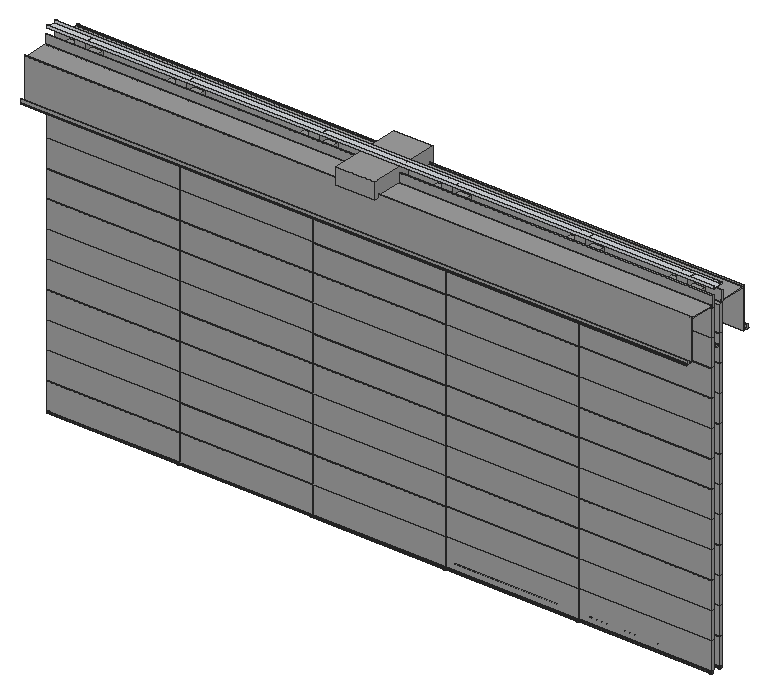
Revit family
Parameters (values of type "24'- 0"")
  Visibility Of Unfold Single Panel [instance] = and(not(Fold), Number Of  Panels < 2)  # no
  Visibility Of Fold Single Panel [instance] = and(Fold, Number Of  Panels < 2)  # no
  Visibility Of Fold Panels [instance] = and(Fold, Number Of  Panels > 1)  # no
  URL = "http://www.skyfold.com/"
  Total Panel Height = ([Panel Height"F"] * 12) + 0' 6"  # 26' - 10 1/2"
  Pocket Material [instance] = Default
  Panel Array [instance] = if(Number Of  Panels < 3, 2, Number Of  Panels)  # 5
  Panel 9 Material [instance] = Default
  Panel 8 Material [instance] = Default
  Panel 7 Material [instance] = Default
  Panel 6 Material [instance] = Default
  Panel 5 Material [instance] = Default
  Panel 4 Material [instance] = Default
  Panel 3 Material [instance] = Default
  Panel 2 Material [instance] = Default
  Panel 12 Material [instance] = Default
  Panel 11 Material [instance] = Default
  Panel 10 Material [instance] = Default
  Model = "Compact Drive System"
  Manufacturer = "Skyfold"
  Description = "Custom Powerlift Partitions"
  Center Pantograph Visibility [instance] = Number Of  Panels > 2  # yes
  Visibility Of Single Pantograph [instance] = and(Number Of  Panels = 2, Total Wall Length > 16' 0")  # no
  Total Wall Length [instance] = 55' - 0"
  Wall Thickness = 0' - 11 3/4"  # constant formula
  Unfold [instance] = and(not(Fold), Number Of  Panels > 1)  # yes
  Pocket Width"E" = 5' - 3 1/2"
  Pocket Depth"D" = 3' - 1 1/2"
  Panel Length [instance] = (Total Wall Length - 0' 2" - (Number Of  Panels - 1) * 0' 0 1/2") / Number Of  Panels  # 10' - 11.2"
  Panel Height"F" = 2' - 2 3/8"
  Offset From Ceiling [instance] = 0' - 0"
  Center Pantographs [instance] = if(Number Of  Panels < 3, 2, Number Of  Panels - 1)  # 4
  Number Of  Panels [instance] = (Total Wall Length / Max Panel Length) + 0.499  # 5
  Motor Positionning [instance] = if(or(Number Of  Panels = 1, Total Wall Length < 16' 0", Number Of  Panels = 3, Number Of  Panels = 5, Number Of  Panels = 7, Number Of  Panels = 9, Number Of  Panels = 11), (Total Wall Length / 2), (Total Wall Length / 2) - (Panel Length / 2))  # 27' - 6"
  Max Wall Length [instance] = 100' - 0"  # constant formula
  Max Panel Length [instance] = 12' - 0"  # constant formula
  Height Between Panels [instance] = [Panel Height"F"] + 0' 0 1/2"  # 2' - 2 7/8"
  Fold [instance] = no
  Distance From Acoustic Barrier = 0' - 2"  # constant formula
  Distance Between Panels [instance] = Panel Length + 0' 0 1/2"  # 10' - 11.7"
  Finished Ceiling"A" = 24' - 0"
  Panel 1 Material [instance] = Default
  Top Of Acoustic Barrier [instance] = 28' - 0"
  Assembly Code = ""
  Beam Height"B" = 28' - 5"
  Acoustic Barrier"C" = 27' - 1 1/2"
Reference planes (in)
  plane 1 "Center (Front/Back)": y = 0
  plane 2 "Ceiling": z = 96
  plane 3 "Center (Left/Right)": x = 0
  plane 4: y = -31.75
  plane 5: y = 31.75
  plane 6: y = -5.875
  plane 7: y = 5.875
  plane 8: x = 660
  plane 9: x = 1
  plane 10: x = 132.7
  plane 11: z = 95.96875
  plane 12: z = 133.46875
  plane 13: z = -192.03125
  plane 14 "Beam height": z = 148.96875
  plane 15: x = 330
  plane 16 "BOAB": z = 131.46875
  plane 17: z = 95.96875
Lines and regions (in)
  Opening 1
    outline origin (0, 3.93322, 96) x (1, 0, 0) y (0, 1, 0)
      loop
        line (0, 33.06678) -> (0, -40.93322) -> (660, -40.93322) -> (660, 33.06678) -> (0, 33.06678)
Dimensions and locks (in)
  equal spacing: host sketch curve, plane 3 "Center (Left/Right)", host sketch curve
  equal spacing: host sketch curve, plane 1 "Center (Front/Back)", host sketch curve
  host sketch curve to host sketch curve = 10' - 0"  (x2)
  plane 2 "Ceiling" to level = 7' - 0"
  equal spacing: plane 4, plane 1 "Center (Front/Back)", plane 5
  "Pocket Width"E"": plane 4 to plane 5
  equal spacing: plane 6, plane 1 "Center (Front/Back)", plane 7
  "Wall Thickness": plane 6 to plane 7
  "Total Wall Length": plane 8 to plane 3 "Center (Left/Right)"
  locked: plane 9 to plane 3 "Center (Left/Right)" at 1
  "Distance Between Panels": plane 10 to plane 9
  locked: plane 2 "Ceiling" to plane 11 at 0.03125
  equal spacing: group 1, group 2, group 7, group 8, group 9  (x3)
  equal spacing: group 3, group 4, group 10, group 11, group 12  (x3)
  "Finished Ceiling"A"": plane 11 to plane 13
  "Beam Height"B"": plane 14 "Beam height" to plane 13
  locked: nested 8 to plane 3 "Center (Left/Right)" at 32
  locked: plane 8 to nested 9 at 32
  locked: nested 5 to nested 10 at 0.25
  equal spacing: group 5, group 6, group 13, group 14  (x3)
  "Distance Between Panels": nested 11 to nested 10
  locked: plane 10 to nested 12 at 0.25
  "Motor Positionning": plane 15 to plane 3 "Center (Left/Right)"
  locked: plane 12 to plane 16 "BOAB" at 2
  "Offset From Ceiling": plane 11 to plane 17
  "Pocket Depth"D"": plane 12 to plane 17
  aligned and locked: nested 1 to Opening 1 sketch curve
  aligned and locked: Opening 1 sketch curve to plane 8
  aligned and locked: plane 2 "Ceiling" to host ceiling
  aligned and locked: nested 2 to plane 1 "Center (Front/Back)"
  aligned and locked: nested 2 to plane 9
  aligned and locked: Opening 1 sketch curve to nested 1  (x2)
  aligned and locked: nested 1 to plane 3 "Center (Left/Right)"
  aligned and locked: nested 4 to plane 10
  aligned and locked: plane 10 to nested 5
  aligned and locked: plane 8 to nested 6
  aligned and locked: plane 3 "Center (Left/Right)" to nested 6
  aligned and locked: nested 13 to plane 1 "Center (Front/Back)"
  aligned and locked: plane 14 "Beam height" to nested 6
  aligned and locked: nested 6 to nested 1
  aligned and locked: plane 14 "Beam height" to nested 8
  aligned and locked: plane 14 "Beam height" to nested 12
  aligned and locked: plane 14 "Beam height" to nested 10
  aligned and locked: nested 11 to plane 14 "Beam height"
  aligned and locked: nested 9 to plane 14 "Beam height"
  aligned and locked: nested 14 to plane 1 "Center (Front/Back)"
  aligned and locked: nested 15 to nested 14
  aligned and locked: plane 9 to nested 15
  aligned and locked: nested 16 to nested 14
  aligned and locked: nested 16 to plane 9
  aligned and locked: plane 14 "Beam height" to nested 7
  aligned and locked: plane 15 to nested 7
  aligned and locked: nested 13 to plane 17
  aligned and locked: nested 15 to plane 17
  aligned and locked: nested 3 to plane 17
  aligned and locked: nested 5 to plane 17
  aligned and locked: plane 17 to nested 1
  aligned and locked: nested 16 to plane 16 "BOAB"
  aligned and locked: nested 2 to plane 16 "BOAB"
  aligned and locked: nested 4 to plane 16 "BOAB"
  aligned and locked: nested 14 to plane 16 "BOAB"
Nested families (in)
  nested 1: "Pocket" at (0, -10.75, 97.27344), Acoustic_Barrier"C" <- "Acoustic Barrier"C"", Total_Wall_Length <- "Total Wall Length", T.O. Acoustic_Barrier <- "Top Of Acoustic Barrier", Beam_Height <- "Beam Height"B"", Pocket Material <- "Pocket Material", type "Pocket"
    with Total_Wall_Length 55' - 0", T.O. Acoustic_Barrier 28' - 0", Pocket Material Default, Motor_Length 2' - 10", Motor_Height 0' - 11 1/2", Beam_Height 28' - 5", Acoustic_Barrier"C" 27' - 1 1/2", Pocket_Width"E" 5' - 3 1/2", Pocket_Depth"D" 3' - 1 1/2", Finished_Ceiling"A" 24' - 0"
  nested 2: "Groupe_5 panneaux" at (1, 0, -101.86836), panel_length <- "Panel Length", Panel_Material <- "Panel 1 Material", visible <- "Unfold", Total_Panel-Height <- "Total Panel Height", Panel 10 material <- "Panel 10 Material", Panel 11 material <- "Panel 11 Material", Panel 12 material <- "Panel 12 Material", Panel 2 material <- "Panel 2 Material", Panel 3 material <- "Panel 3 Material", Panel 4 material <- "Panel 4 Material", Panel 5 material <- "Panel 5 Material", Panel 6 material <- "Panel 6 Material", Panel 7 material <- "Panel 7 Material", Panel 8 material <- "Panel 8 Material", Panel 9 material <- "Panel 9 Material", type "Groupe_5 panneaux"
    with panel_length 10' - 11.2", Total_Panel-Height 26' - 10 1/2", Panel_Material Default, Panel 9 material Default, Panel 8 material Default, Panel 7 material Default, Panel 6 material Default, Panel 5 material Default, Panel 4 material Default, Panel 3 material Default, Panel 2 material Default, Panel 12 material Default, Panel 11 material Default, Panel 10 material Default
  nested 3: "Panneau_hor" at (1, 12.57079, 83.96875), panel_length <- "Panel Length", panel_height <- "Panel Height"F"", visible <- "Visibility Of Fold Panels", Panel_Material <- "Panel 12 Material", type "Panneau_hor"
    with panel_length 10' - 11.2", panel_height 2' - 2 3/8", Panel_Material Default
  nested 4: "Groupe_5 panneaux" at (132.7, 0, -101.86836), panel_length <- "Panel Length", Panel_Material <- "Panel 1 Material", visible <- "Unfold", Total_Panel-Height <- "Total Panel Height", Panel 10 material <- "Panel 10 Material", Panel 11 material <- "Panel 11 Material", Panel 12 material <- "Panel 12 Material", Panel 2 material <- "Panel 2 Material", Panel 3 material <- "Panel 3 Material", Panel 4 material <- "Panel 4 Material", Panel 5 material <- "Panel 5 Material", Panel 6 material <- "Panel 6 Material", Panel 7 material <- "Panel 7 Material", Panel 8 material <- "Panel 8 Material", Panel 9 material <- "Panel 9 Material", type "Groupe_5 panneaux"
    with panel_length 10' - 11.2", Total_Panel-Height 26' - 10 1/2", Panel_Material Default, Panel 9 material Default, Panel 8 material Default, Panel 7 material Default, Panel 6 material Default, Panel 5 material Default, Panel 4 material Default, Panel 3 material Default, Panel 2 material Default, Panel 12 material Default, Panel 11 material Default, Panel 10 material Default
  nested 5: "Panneau_hor" at (132.7, 12.57079, 83.96875), panel_length <- "Panel Length", panel_height <- "Panel Height"F"", visible <- "Visibility Of Fold Panels", Panel_Material <- "Panel 12 Material", type "Panneau_hor"
    with panel_length 10' - 11.2", panel_height 2' - 2 3/8", Panel_Material Default
  nested 6: "Beam" at (0, -10.75, 130.27344), type "Pocket"
    with Total_Wall_Length 55' - 0"
  nested 7: "Motor" at (311, -23, 132.96875), type "LCCD"
  nested 8: "Pantograph" at (54.25, -4, 136.6875) x (0, 1, 0) z (0, 0, 1), type "Pantograph"
  nested 9: "Pantograph" at (650.25, -4, 136.6875) x (0, 1, 0) z (0, 0, 1), type "Pantograph"
  nested 10: "Pantograph" at (154.7, -4, 136.6875) x (0, 1, 0) z (0, 0, 1), visible <- "Center Pantograph Visibility", type "Pantograph"
  nested 11: "Pantograph" at (286.4, -4, 136.6875) x (0, 1, 0) z (0, 0, 1), visible <- "Center Pantograph Visibility", type "Pantograph"
  nested 12: "Pantograph" at (154.7, -4, 136.6875) x (0, 1, 0) z (0, 0, 1), visible <- "Visibility Of Single Pantograph", type "Pantograph"
  nested 13: "2D Fold Panels" at (1, 2.48811, 95.96875) x (0, 1, 0) z (1, 0, 0), visible <- "Fold", Panel_Height <- "Panel Height"F"", type "Complete Panels"
    with Panel_Height 2' - 2 3/8"
  nested 14: "2D Unfold Panels" at (1, -0.41811, 40.57813) x (0, 1, 0) z (1, 0, 0), visible <- "Unfold", type "Unfold panels"
  nested 15: "Panneau_hor" at (1, 12.57079, 83.96875), panel_length <- "Panel Length", panel_height <- "Panel Height"F"", Panel_Material <- "Panel 1 Material", visible <- "Visibility Of Fold Single Panel", type "Panneau_hor"
    with panel_length 10' - 11.2", panel_height 2' - 2 3/8", Panel_Material Default
  nested 16: "Groupe_5 panneaux" at (1, 0, -101.86836), Panel_Material <- "Panel 1 Material", panel_length <- "Panel Length", visible <- "Visibility Of Unfold Single Panel", Total_Panel-Height <- "Total Panel Height", type "Groupe_5 panneaux"
    with panel_length 10' - 11.2", Total_Panel-Height 26' - 10 1/2", Panel_Material Default, Panel 9 material none, Panel 8 material none, Panel 7 material none, Panel 6 material none, Panel 5 material none, Panel 4 material none, Panel 3 material none, Panel 2 material none, Panel 12 material none, Panel 11 material none, Panel 10 material none
  nested 17: "Groupe_5 panneaux" at (264.4, 0, -101.86836), panel_length <- "Panel Length", Panel_Material <- "Panel 1 Material", visible <- "Unfold", Total_Panel-Height <- "Total Panel Height", Panel 10 material <- "Panel 10 Material", Panel 11 material <- "Panel 11 Material", Panel 12 material <- "Panel 12 Material", Panel 2 material <- "Panel 2 Material", Panel 3 material <- "Panel 3 Material", Panel 4 material <- "Panel 4 Material", Panel 5 material <- "Panel 5 Material", Panel 6 material <- "Panel 6 Material", Panel 7 material <- "Panel 7 Material", Panel 8 material <- "Panel 8 Material", Panel 9 material <- "Panel 9 Material", type "Groupe_5 panneaux"
    with panel_length 10' - 11.2", Total_Panel-Height 26' - 10 1/2", Panel_Material Default, Panel 9 material Default, Panel 8 material Default, Panel 7 material Default, Panel 6 material Default, Panel 5 material Default, Panel 4 material Default, Panel 3 material Default, Panel 2 material Default, Panel 12 material Default, Panel 11 material Default, Panel 10 material Default
  nested 18: "Groupe_5 panneaux" at (396.1, 0, -101.86836), panel_length <- "Panel Length", Panel_Material <- "Panel 1 Material", visible <- "Unfold", Total_Panel-Height <- "Total Panel Height", Panel 10 material <- "Panel 10 Material", Panel 11 material <- "Panel 11 Material", Panel 12 material <- "Panel 12 Material", Panel 2 material <- "Panel 2 Material", Panel 3 material <- "Panel 3 Material", Panel 4 material <- "Panel 4 Material", Panel 5 material <- "Panel 5 Material", Panel 6 material <- "Panel 6 Material", Panel 7 material <- "Panel 7 Material", Panel 8 material <- "Panel 8 Material", Panel 9 material <- "Panel 9 Material", type "Groupe_5 panneaux"
    with panel_length 10' - 11.2", Total_Panel-Height 26' - 10 1/2", Panel_Material Default, Panel 9 material Default, Panel 8 material Default, Panel 7 material Default, Panel 6 material Default, Panel 5 material Default, Panel 4 material Default, Panel 3 material Default, Panel 2 material Default, Panel 12 material Default, Panel 11 material Default, Panel 10 material Default
  nested 19: "Groupe_5 panneaux" at (527.8, 0, -101.86836), panel_length <- "Panel Length", Panel_Material <- "Panel 1 Material", visible <- "Unfold", Total_Panel-Height <- "Total Panel Height", Panel 10 material <- "Panel 10 Material", Panel 11 material <- "Panel 11 Material", Panel 12 material <- "Panel 12 Material", Panel 2 material <- "Panel 2 Material", Panel 3 material <- "Panel 3 Material", Panel 4 material <- "Panel 4 Material", Panel 5 material <- "Panel 5 Material", Panel 6 material <- "Panel 6 Material", Panel 7 material <- "Panel 7 Material", Panel 8 material <- "Panel 8 Material", Panel 9 material <- "Panel 9 Material", type "Groupe_5 panneaux"
    with panel_length 10' - 11.2", Total_Panel-Height 26' - 10 1/2", Panel_Material Default, Panel 9 material Default, Panel 8 material Default, Panel 7 material Default, Panel 6 material Default, Panel 5 material Default, Panel 4 material Default, Panel 3 material Default, Panel 2 material Default, Panel 12 material Default, Panel 11 material Default, Panel 10 material Default
  nested 20: "Panneau_hor" at (264.4, 12.57079, 83.96875), panel_length <- "Panel Length", panel_height <- "Panel Height"F"", visible <- "Visibility Of Fold Panels", Panel_Material <- "Panel 12 Material", type "Panneau_hor"
    with panel_length 10' - 11.2", panel_height 2' - 2 3/8", Panel_Material Default
  nested 21: "Panneau_hor" at (396.1, 12.57079, 83.96875), panel_length <- "Panel Length", panel_height <- "Panel Height"F"", visible <- "Visibility Of Fold Panels", Panel_Material <- "Panel 12 Material", type "Panneau_hor"
    with panel_length 10' - 11.2", panel_height 2' - 2 3/8", Panel_Material Default
  nested 22: "Panneau_hor" at (527.8, 12.57079, 83.96875), panel_length <- "Panel Length", panel_height <- "Panel Height"F"", visible <- "Visibility Of Fold Panels", Panel_Material <- "Panel 12 Material", type "Panneau_hor"
    with panel_length 10' - 11.2", panel_height 2' - 2 3/8", Panel_Material Default
  nested 23: "Pantograph" at (418.1, -4, 136.6875) x (0, 1, 0) z (0, 0, 1), visible <- "Center Pantograph Visibility", type "Pantograph"
  nested 24: "Pantograph" at (549.8, -4, 136.6875) x (0, 1, 0) z (0, 0, 1), visible <- "Center Pantograph Visibility", type "Pantograph"
Definition of nested family "Pocket"
  Parameters (values of type "Pocket")
    Total_Wall_Length [instance] = 35' - 0"
    T.O. Acoustic_Barrier [instance] = 28' - 0"
    Pocket_Width"E" = 4' - 9"
    Pocket_Depth"D" = 3' - 1"
    Pocket Material [instance] = Pocket mat
    Motor_Length [instance] = 2' - 6 29/128"
    Motor_Height [instance] = 1' - 3"
    Finished_Ceiling"A" = 20' - 9"
    Assembly Code = ""
    Beam_Height [instance] = 10' - 0"
    Acoustic_Barrier"C" [instance] = 1' - 7 5/8"
  Reference planes (in)
    plane 1 "Center (Front/Back)": y = 10.75
    plane 2: z = 35.69531
    plane 3 "Center (Left/Right)": x = 0
    plane 4: z = -1.30469
    plane 5: y = -17.75
    plane 6: y = 39.25
    plane 7: y = -23
    plane 8: y = 44.5
    plane 9: z = 2.32031
    plane 10: y = 4.75
    plane 11: y = 16.75
    plane 12: x = 420
    plane 13: z = -100.30469
    plane 14: z = 71.18777
    plane 15: z = 85.69531
    plane 16: z = -250.30469
    plane 17: x = 12.89513
    plane 18: x = 203.52734
    plane 19: z = -130.30469
    plane 20: z = 36.69531
  Forms (in)
    Extrusion 1, solid, material "Pocket mat" <- "Pocket Material"
      sketch origin (0, 0, 0) x (0, 1, 0) y (0, 0, 1)
        loop
          line (-23, 2.32031) -> (-23, -1.30469) -> (-17.75, -1.30469) -> (-17.75, 38.69531) -> (-18.375, 38.69531) -> (-18.375, -0.67969) -> (-22.375, -0.67969) -> (-22.375, 2.32031) -> (-23, 2.32031)
        loop
          line (-17.53125, 36.69531) -> (4.53125, 36.69531) -> (4.53125, 37.32031) -> (-17.53125, 37.32031) -> (-17.53125, 36.69531)
      from 0 to 420
    Extrusion 2, solid, material "Pocket mat" <- "Pocket Material"
      sketch origin (0, 0, 0) x (0, 1, 0) y (0, 0, 1)
        loop
          line (9.75, -1.30469) -> (11.75, -1.30469) -> (11.75, -1.05469) -> (10.875, -1.05469) -> (10.875, 0.69531) -> (10.625, 0.69531) -> (10.625, -1.05469) -> (9.75, -1.05469) -> (9.75, -1.30469)
      from 0 to 420
    Extrusion 3, solid, material "Pocket mat" <- "Pocket Material"
      sketch origin (0, 0, 0) x (0, 1, 0) y (0, 0, 1)
        loop
          line (4.75, 35.69531) -> (5.75, 35.69531) -> (5.75, 85.69531) -> (4.75, 85.69531) -> (4.75, 35.69531)
      from 0 to 420
    Extrusion 4, solid, material "Pocket mat" <- "Pocket Material"
      sketch origin (0, 21.5, 0) x (0, -1, 0) y (0, 0, -1)
        loop
          line (4.75, -35.69531) -> (4.75, -85.69531) -> (5.75, -85.69531) -> (5.75, -35.69531) -> (4.75, -35.69531)
      from 0 to 420
    Extrusion 5, solid, material "Pocket mat" <- "Pocket Material"
      sketch origin (420, 0, 0.01562) x (0, 1, 0) y (0, 0, 1)
        loop
          line (-17.75, 37.38281) -> (-17.75, 36.58594) -> (-17, 36.58594) -> (-17, 36.67969) -> (-17.65625, 36.67969) -> (-17.65625, 37.38281) -> (-17.75, 37.38281)
      from -420 to 0
    Extrusion 6, solid, material "Pocket mat" <- "Pocket Material"
      sketch origin (420, -21.98359, 0.03125) x (0, -1, 0) y (0, 0, -1)
        loop
          line (-26.73359, -37.36719) -> (-26.63984, -37.36719) -> (-26.63984, -36.66406) -> (-25.98359, -36.66406) -> (-25.98359, -36.57031) -> (-26.73359, -36.57031) -> (-26.73359, -37.36719)
      from -420 to 0
    Extrusion 7, solid, material "Pocket mat" <- "Pocket Material"
      sketch origin (420, -57.55768, -19.35805) x (0, -1, 0) y (0, 0, -1)
        loop
          line (-34.55768, -18.75649) -> (-34.46393, -18.75649) -> (-34.46393, -18.05336) -> (-33.80768, -18.05336) -> (-33.80768, -17.95961) -> (-34.55768, -17.95961) -> (-34.55768, -18.75649)
      from -420 to 0
    Extrusion 8, solid, material "Pocket mat" <- "Pocket Material"
      sketch origin (0, 21.5, 0.125) x (0, -1, 0) y (0, 0, -1)
        loop
          line (-23, -2.32031) -> (-22.375, -2.32031) -> (-22.375, 0.67969) -> (-18.375, 0.67969) -> (-18.375, -38.57031) -> (-17.75, -38.57031) -> (-17.75, 1.30469) -> (-23, 1.30469) -> (-23, -2.32031)
        loop
          line (-17.53125, -36.57031) -> (-17.53125, -37.19531) -> (4.53125, -37.19531) -> (4.53125, -36.57031) -> (-17.53125, -36.57031)
      from 0 to 420
    Extrusion 9, solid, material "Pocket mat" <- "Pocket Material"
      sketch origin (420, 21.5, 0) x (0, -1, 0) y (0, 0, -1)
        loop
          line (-17.75, -37.39844) -> (-17.65625, -37.39844) -> (-17.65625, -36.69531) -> (-17, -36.69531) -> (-17, -36.60156) -> (-17.75, -36.60156) -> (-17.75, -37.39844)
      from -420 to 0
    Extrusion 10, solid, material "Pocket mat" <- "Pocket Material"
      sketch origin (420, 43.48359, 0) x (0, 1, 0) y (0, 0, 1)
        loop
          line (-26.73359, 37.39844) -> (-26.73359, 36.60156) -> (-25.98359, 36.60156) -> (-25.98359, 36.69531) -> (-26.63984, 36.69531) -> (-26.63984, 37.39844) -> (-26.73359, 37.39844)
      from -420 to 0
    Extrusion 11, solid, material "Pocket mat" <- "Pocket Material"
      sketch origin (420, 79.05768, -19.35805) x (0, 1, 0) y (0, 0, 1)
        loop
          line (-34.55768, 18.75649) -> (-34.55768, 17.95961) -> (-33.80768, 17.95961) -> (-33.80768, 18.05336) -> (-34.46393, 18.05336) -> (-34.46393, 18.75649) -> (-34.55768, 18.75649)
      from -420 to 0
  Lines and regions (in)
    symbolic lines
      curve 1: line (420, -22.375, -0.67969) -> (420, -18.375, -0.67969)
      curve 2: line (420, -22.375, 85.69531) -> (420, -22.375, -0.67969)
      curve 3: line (420, -18.375, 85.69531) -> (420, -22.375, 85.69531)
      curve 4: line (420, -18.375, -0.67969) -> (420, -18.375, 85.69531)
      curve 5: line (420, 43.875, -0.55469) -> (420, 39.875, -0.55469)
      curve 6: line (420, 43.875, 85.69531) -> (420, 43.875, -0.55469)
      curve 7: line (420, 39.875, 85.69531) -> (420, 43.875, 85.69531)
      curve 8: line (420, 39.875, -0.55469) -> (420, 39.875, 85.69531)
      curve 9: line (420, 4.75, 67.94531) -> (420, 1.75, 67.94531)
      curve 10: line (420, 4.75, 40.32031) -> (420, 4.75, 67.94531)
      curve 11: line (420, 1.75, 40.32031) -> (420, 4.75, 40.32031)
      curve 12: line (420, 1.75, 67.94531) -> (420, 1.75, 40.32031)
      curve 13: line (420, -18.375, 60.19531) -> (420, 1.75, 60.19531)
      curve 14: line (420, 1.75, 57.19531) -> (420, -18.375, 57.19531)
      curve 15: line (420, 16.75, 67.94531) -> (420, 19.75, 67.94531)
      curve 16: line (420, 16.75, 40.32031) -> (420, 16.75, 67.94531)
      curve 17: line (420, 19.75, 40.32031) -> (420, 16.75, 40.32031)
      curve 18: line (420, 19.75, 67.94531) -> (420, 19.75, 40.32031)
      curve 19: line (420, 39.875, 60.19531) -> (420, 19.75, 60.19531)
      curve 20: line (420, 19.75, 57.19531) -> (420, 39.875, 57.19531)
    symbolic lines, style "GenericModel"
      curve 21: line (0, 5.25, 35.69531) -> (0, 5.25, 85.69531)
      curve 22: line (0, 16.25, 85.69531) -> (0, 16.25, 35.69531)
  Dimensions and locks (in)
    locked: plane 7 to plane 5 at 5.25
    locked: plane 9 to plane 4 at 3.625
    locked: plane 6 to plane 8 at 5.25
    plane 10 to plane 1 "Center (Front/Back)" = 0' - 6"
    plane 10 to plane 11 = 1' - 0"
    "Pocket_Width"E"": plane 5 to plane 6
    equal spacing: plane 5, plane 1 "Center (Front/Back)", plane 6
    "Finished_Ceiling"A"": plane 4 to level
    locked: plane 7 to Extrusion 1 sketch curve at 0.625
    locked: Extrusion 1 sketch curve to plane 4 at 0.625
    locked: Extrusion 1 sketch curve to Extrusion 1 sketch curve at 0.625  (x2)
    "Total_Wall_Length": plane 12 to plane 3 "Center (Left/Right)"
    equal spacing: Extrusion 2 sketch curve, plane 1 "Center (Front/Back)", Extrusion 2 sketch curve  (x2)
    locked: Extrusion 2 sketch curve to plane 4 at 2
    locked: Extrusion 2 sketch curve to plane 4 at 0.25
    locked: Extrusion 2 sketch curve to plane 1 "Center (Front/Back)" at 0.125
    locked: Extrusion 1 sketch curve to Extrusion 1 sketch curve at 0.21875
    locked: plane 10 to Extrusion 3 sketch curve at 1
    "Pocket_Depth"D"": plane 2 to plane 4
    locked: plane 13 to plane 16 at 150
    "T.O. Acoustic_Barrier": plane 15 to plane 16
    locked: plane 18 to plane 3 "Center (Left/Right)" at 203.52734
    "Beam_Height": plane 19 to plane 16
    plane 4 to plane 16 = 20' - 9"
    Extrusion 1 to Extrusion 1 to plane 5 = 0' - 0 5/8", 0' - 0"
    locked: Extrusion 1 sketch curve to Extrusion 1 sketch curve at 1.375
    locked: Extrusion 1 sketch curve to plane 10 at 0.21875
    locked: Extrusion 5 sketch curve to Extrusion 5 sketch curve at 0.09375  (x2)
    locked: Extrusion 5 sketch curve to Extrusion 5 sketch curve at 0.79688
    locked: Extrusion 5 sketch curve to Extrusion 5 sketch curve at 0.75
    locked: Extrusion 6 sketch curve to Extrusion 6 sketch curve at 0.09375  (x2)
    locked: Extrusion 6 sketch curve to Extrusion 6 sketch curve at 0.79688
    locked: Extrusion 6 sketch curve to Extrusion 6 sketch curve at 0.75
    locked: Extrusion 7 sketch curve to Extrusion 7 sketch curve at 0.09375  (x2)
    locked: Extrusion 7 sketch curve to Extrusion 7 sketch curve at 0.79688
    locked: Extrusion 7 sketch curve to Extrusion 7 sketch curve at 0.75
    locked: Extrusion 8 sketch curve to Extrusion 8 sketch curve at 0.625
    Extrusion 8 sketch curve to Extrusion 8 sketch curve = 0' - 0 5/8"
    locked: Extrusion 8 sketch curve to Extrusion 8 sketch curve at 0.21875
    Extrusion 8 sketch curve to Extrusion 8 sketch curve = 0' - 1 3/8"
    locked: Extrusion 9 sketch curve to Extrusion 9 sketch curve at 0.09375  (x2)
    locked: Extrusion 9 sketch curve to Extrusion 9 sketch curve at 0.79688
    locked: Extrusion 9 sketch curve to Extrusion 9 sketch curve at 0.75
    locked: Extrusion 10 sketch curve to Extrusion 10 sketch curve at 0.09375  (x2)
    locked: Extrusion 10 sketch curve to Extrusion 10 sketch curve at 0.79688
    locked: Extrusion 10 sketch curve to Extrusion 10 sketch curve at 0.75
    locked: Extrusion 11 sketch curve to Extrusion 11 sketch curve at 0.09375  (x2)
    locked: Extrusion 11 sketch curve to Extrusion 11 sketch curve at 0.79688
    locked: Extrusion 11 sketch curve to Extrusion 11 sketch curve at 0.75
    locked: curve 12 to plane 10 at 3
    curve 11 to Extrusion 1 = 0' - 3"
    locked: curve 11 to curve 9 at 27.625
    locked: curve 14 to curve 13 at 3
    locked: curve 11 to curve 14 at 16.875
    locked: curve 17 to curve 15 at 27.625
    locked: curve 20 to curve 19 at 3
    locked: curve 17 to curve 20 at 16.875
    locked: plane 20 to plane 2 at 1
    aligned and locked: plane 12 to Extrusion 1
    aligned and locked: Extrusion 2 sketch curve to Extrusion 2 sketch curve
    aligned and locked: Extrusion 2 to plane 3 "Center (Left/Right)"
    aligned and locked: plane 12 to Extrusion 2
    aligned and locked: Extrusion 3 sketch curve to plane 2
    aligned and locked: Extrusion 3 sketch curve to plane 10
    aligned and locked: plane 15 to Extrusion 4
    aligned and locked: plane 15 to Extrusion 3
    aligned and locked: plane 12 to Extrusion 3
    aligned and locked: plane 12 to Extrusion 4
    aligned and locked: plane 16 to level
    aligned and locked: curve 1 to Extrusion 1  (x2)
    aligned and locked: curve 4 to Extrusion 1
    aligned and locked: curve 7 to plane 15
    aligned and locked: Extrusion 5 to plane 5
    aligned: plane 2 to Extrusion 5
    aligned and locked: plane 10 to Extrusion 6
    aligned: plane 2 to Extrusion 6
    aligned and locked: plane 7 to Extrusion 7
    aligned and locked: plane 4 to Extrusion 7
    aligned and locked: plane 6 to Extrusion 9
    aligned and locked: plane 4 to Extrusion 11
    aligned and locked: Extrusion 11 to plane 8
    aligned and locked: plane 12 to Extrusion 5
    aligned and locked: plane 12 to Extrusion 6
    aligned and locked: Extrusion 10 to plane 3 "Center (Left/Right)"
    aligned and locked: Extrusion 6 to plane 3 "Center (Left/Right)"
    aligned and locked: Extrusion 5 to plane 3 "Center (Left/Right)"
    aligned and locked: plane 12 to Extrusion 10
    aligned and locked: plane 12 to Extrusion 9
    aligned and locked: Extrusion 9 to plane 3 "Center (Left/Right)"
    aligned and locked: plane 12 to Extrusion 7
    aligned and locked: plane 12 to Extrusion 11
    aligned and locked: Extrusion 7 to plane 3 "Center (Left/Right)"
    aligned and locked: Extrusion 11 to plane 3 "Center (Left/Right)"
    aligned and locked: Extrusion 8 to curve 8
    aligned and locked: curve 6 to Extrusion 8
    aligned and locked: curve 5 to Extrusion 8
    aligned and locked: plane 12 to Extrusion 8
    aligned and locked: Extrusion 1 to plane 3 "Center (Left/Right)"
    aligned and locked: Extrusion 8 to plane 3 "Center (Left/Right)"
    aligned and locked: Extrusion 3 to curve 9
    aligned and locked: curve 9 to curve 15
    aligned and locked: Extrusion 1 sketch curve to plane 20
    aligned and locked: Extrusion 5 to Extrusion 1
    aligned and locked: Extrusion 6 to Extrusion 1
    aligned and locked: Extrusion 8 to Extrusion 1  (x2)
    aligned and locked: Extrusion 1 to Extrusion 8
    aligned and locked: Extrusion 10 to Extrusion 8
    aligned and locked: Extrusion 9 to Extrusion 8
  Automatic sketch dimensions
    Extrusion 1 sketch curve to plane 4 = 0' - 0"
    Extrusion 1 sketch curve to plane 7 = 0' - 0"
    Extrusion 1 sketch curve to plane 5 = 0' - 0"
    Extrusion 1 sketch curve to plane 9 = 0' - 0"
    Extrusion 2 sketch curve to plane 4 = 0' - 0"
    Extrusion 2 sketch curve to Extrusion 2 sketch curve = 0' - 0 7/8"
    Extrusion 3 sketch curve to plane 15 = 0' - 0"
    Extrusion 4 sketch curve to plane 11 = 0' - 0"
    Extrusion 4 sketch curve to plane 15 = 0' - 0"
    Extrusion 4 sketch curve to plane 2 = 0' - 0"
    plane 11 to Extrusion 4 sketch curve = 0' - 1"
    curve 4 to Extrusion 3 = 0' - 0"
    curve 16 to curve 18 = 0' - 3"
    Extrusion 5 sketch curve to Extrusion 3 = 0' - 1"
    Extrusion 3 to Extrusion 5 sketch curve = 1' - 10 1/2"
    Extrusion 6 sketch curve to Extrusion 3 = 0' - 0"
    Extrusion 6 sketch curve to Extrusion 3 = 0' - 1"
    Extrusion 3 to Extrusion 7 sketch curve = 2' - 3 3/4"
    Extrusion 3 to Extrusion 7 sketch curve = 3' - 0 19/64"
    Extrusion 8 sketch curve to plane 4 = 0' - 0 1/8"
    Extrusion 8 sketch curve to plane 8 = 0' - 0"
    Extrusion 8 sketch curve to plane 9 = 0' - 0 1/8"
    Extrusion 8 sketch curve to plane 6 = 0' - 0"
    Extrusion 8 sketch curve to plane 2 = 0' - 1"
    plane 8 to Extrusion 8 sketch curve = 0' - 0 5/8"
    Extrusion 8 sketch curve to plane 11 = 0' - 0 7/32"
    Extrusion 8 sketch curve to plane 4 = 0' - 0 3/4"
    Extrusion 9 sketch curve to Extrusion 3 = 0' - 1"
    Extrusion 3 to Extrusion 9 sketch curve = 2' - 9 1/2"
    Extrusion 10 sketch curve to Extrusion 3 = 0' - 1"
    Extrusion 3 to Extrusion 10 sketch curve = 0' - 11"
    Extrusion 3 to Extrusion 11 sketch curve = 3' - 2 3/4"
    Extrusion 3 to Extrusion 11 sketch curve = 3' - 1 3/32"
    Extrusion 3 to curve 16 = 0' - 11"
    curve 21 to plane 15 = 0' - 0"
    curve 21 to plane 2 = 0' - 0"
    curve 22 to plane 2 = 0' - 0"
    curve 22 to plane 15 = 0' - 0"
    plane 10 to curve 21 = 0' - 0 1/2"
    curve 22 to plane 11 = 0' - 0 1/2"
Definition of nested family "Groupe_5 panneaux"
  Parameters (values of type "Groupe_5 panneaux")
    panel_length [instance] = 3' - 0"
    panel_height = 2' - 2 3/8"
    folded_width = 0' - 11 3/4"
    Total_Panel-Height [instance] = 9' - 2 3/4"
    Panel_Material [instance] = none
    Panel 9 material [instance] = none
    Panel 8 material [instance] = none
    Panel 7 material [instance] = none
    Panel 6 material [instance] = none
    Panel 5 material [instance] = none
    Panel 4 material [instance] = none
    Panel 3 material [instance] = none
    Panel 2 material [instance] = none
    Panel 12 material [instance] = none
    Panel 11 material [instance] = none
    Panel 10 material [instance] = none
    Height_distance_bet_panels = panel_height + 0' 0 1/2"  # 2' - 2 7/8"
    Assembly Code = ""
  Reference planes (in)
    plane 1 "Center (Front/Back)": y = 0
    plane 2: z = 0
    plane 3 "Center (Left/Right)": x = 0
    plane 4: y = 5.875
    plane 5: z = 234.44648
    plane 6: y = -5.875
    plane 7: z = 207.57148
    plane 8: x = 36
    plane 9: z = 123.69648
    plane 10: z = 180.69648
    plane 11: z = 153.82148
    plane 12: z = 126.94648
    plane 13: z = 100.07148
    plane 14: z = 73.19648
    plane 15: z = 46.32148
    plane 16: z = 19.44648
    plane 17: z = -7.42852
    plane 18: z = -34.30352
    plane 19: z = -61.17852
  Forms (in)
    Extrusion 1, solid, material "Plastic_Seal"
      sketch origin (0, 1.79895, 58.50004) x (0, 1, 0) y (0, 0, 1)
        loop
          line (-6.80477, 63.51634) -> (-7.05382, 64.94644) -> (-6.92395, 64.94644) -> (-6.92395, 65.19646) -> (-7.67395, 65.19646) -> (-7.67395, 64.94644) -> (-7.41508, 64.94644) -> (-7.66413, 63.51634)
          arc (-7.66413, 63.51634) -> (-7.23445, 63.08666) -> (-6.80477, 63.51634) r 0.42968
      from 0 to 36
    Extrusion 2, solid, material "Plastic_Seal"
      sketch origin (0, -1.79895, 58.50004) x (0, -1, 0) y (0, 0, -1)
        loop
          arc (-6.80477, -63.51634) -> (-7.23445, -63.08666) -> (-7.66413, -63.51634) r 0.42968
          line (-7.66413, -63.51634) -> (-7.41508, -64.94644) -> (-7.67395, -64.94644) -> (-7.67395, -65.19646) -> (-6.92395, -65.19646) -> (-6.92395, -64.94644) -> (-7.05382, -64.94644) -> (-6.80477, -63.51634)
      from 0 to 36
  Dimensions and locks (in)
    equal spacing: plane 6, plane 1 "Center (Front/Back)", plane 4
    "folded_width": plane 6 to plane 4
    "panel_length": plane 8 to plane 3 "Center (Left/Right)"
    "Total_Panel-Height": plane 5 to plane 9
    equal spacing: plane 5, plane 7, plane 10, plane 11, plane 12, plane 13, plane 14, plane 15, plane 16, plane 17, plane 18, plane 19
    "Height_distance_bet_panels": plane 5 to plane 7
    aligned: plane 4 to nested 1
    aligned: plane 6 to nested 2
    aligned and locked: plane 3 "Center (Left/Right)" to nested 1
    aligned: nested 2 to plane 5  (x2)
    aligned and locked: nested 4 to plane 7  (x2)
    aligned and locked: plane 8 to Extrusion 1
    aligned and locked: Extrusion 1 to plane 3 "Center (Left/Right)"
    aligned and locked: Extrusion 1 to plane 6
    aligned and locked: Extrusion 2 to plane 3 "Center (Left/Right)"
    aligned and locked: plane 8 to Extrusion 2
    aligned: plane 5 to nested 1
    aligned and locked: plane 7 to nested 3
    aligned and locked: nested 6 to plane 10
    aligned and locked: plane 10 to nested 5
    aligned and locked: nested 8 to plane 11
    aligned and locked: plane 11 to nested 7
    aligned and locked: nested 10 to plane 12
    aligned and locked: plane 12 to nested 9
    aligned and locked: nested 12 to plane 13
    aligned and locked: plane 13 to nested 11
    aligned and locked: nested 14 to plane 14
    aligned and locked: plane 14 to nested 13
    aligned and locked: nested 16 to plane 15
    aligned and locked: plane 15 to nested 15
    aligned and locked: nested 18 to plane 16
    aligned and locked: plane 16 to nested 17
    aligned and locked: nested 20 to plane 17
    aligned and locked: plane 17 to nested 19
    aligned and locked: nested 22 to plane 18
    aligned and locked: plane 18 to nested 21
    aligned and locked: nested 24 to plane 19
    aligned and locked: plane 19 to nested 23
    aligned and locked: nested 2 to plane 5
    aligned and locked: plane 5 to nested 1
    aligned and locked: plane 4 to nested 23
    aligned and locked: plane 6 to nested 24
    aligned and locked: plane 4 to nested 21
    aligned and locked: plane 6 to nested 22
    aligned and locked: plane 4 to nested 19
    aligned and locked: plane 6 to nested 20
    aligned and locked: plane 6 to nested 18
    aligned and locked: plane 4 to nested 17
    aligned and locked: plane 4 to nested 15
    aligned and locked: plane 6 to nested 16
    aligned and locked: plane 4 to nested 13
    aligned and locked: plane 6 to nested 14
    aligned and locked: plane 4 to nested 11
    aligned and locked: plane 6 to nested 12
    aligned and locked: plane 6 to nested 10
    aligned and locked: plane 4 to nested 9
    aligned and locked: plane 4 to nested 7
    aligned and locked: plane 6 to nested 8
    aligned and locked: plane 4 to nested 5
    aligned and locked: plane 6 to nested 6
    aligned and locked: plane 4 to nested 3
    aligned and locked: plane 6 to nested 4
    aligned and locked: plane 4 to nested 1
    aligned and locked: plane 6 to nested 2
  Automatic sketch dimensions
    Extrusion 1 sketch curve to plane 6 = 0' - 0"
    plane 6 to Extrusion 1 sketch curve = 0' - 0.00982"
    Extrusion 1 sketch curve to Extrusion 1 sketch curve = 0' - 0.25887"
    Extrusion 1 sketch curve to Extrusion 1 sketch curve = 0' - 0 55/128"
    Extrusion 1 sketch curve to plane 9 = 0' - 0 1/4"  (x2)
    Extrusion 1 sketch curve to Extrusion 1 sketch curve = 0' - 0.36126"
    plane 9 to Extrusion 1 sketch curve = 0' - 0"
    Extrusion 1 sketch curve to Extrusion 1 sketch curve = 0' - 0.12987"
    Extrusion 1 sketch curve to Extrusion 1 sketch curve = 0' - 1.4301"
    Extrusion 2 sketch curve to plane 4 = 0' - 0"
    plane 4 to Extrusion 2 sketch curve = 0' - 0.00982"
    Extrusion 2 sketch curve to Extrusion 2 sketch curve = 0' - 0.25887"
    Extrusion 2 sketch curve to Extrusion 2 sketch curve = 0' - 0 55/128"
    plane 9 to Extrusion 2 sketch curve = 0' - 0 1/4"  (x2)
    Extrusion 2 sketch curve to Extrusion 2 sketch curve = 0' - 0.36126"
    Extrusion 2 sketch curve to plane 9 = 0' - 0"
    Extrusion 2 sketch curve to Extrusion 2 sketch curve = 0' - 0.12987"
    Extrusion 2 sketch curve to Extrusion 2 sketch curve = 0' - 1.4301"
  Nested families (in)
    nested 1: "Top Panel" at (0, 3.625, 208.07148), panel_height <- "panel_height", panel_length <- "panel_length", Panel_Material <- "Panel_Material", type "Top Panel"
      with panel_length 3' - 0", panel_height 2' - 2 3/8", Panel_Material none
    nested 2: "Top Panel" at (0, -3.625, 208.07148), panel_height <- "panel_height", panel_length <- "panel_length", Panel_Material <- "Panel_Material", type "Top Panel"
      with panel_length 3' - 0", panel_height 2' - 2 3/8", Panel_Material none
    nested 3: "Panneau_top" at (0, 3.625, 181.19648), panel_height <- "panel_height", panel_length <- "panel_length", Panel_Material <- "Panel 2 material", type "Panneau_top"
      with panel_length 3' - 0", panel_height 2' - 2 3/8", Panel_Material none
    nested 4: "Panneau_top" at (0, -3.625, 181.19648), panel_height <- "panel_height", panel_length <- "panel_length", Panel_Material <- "Panel 2 material", type "Panneau_top"
      with panel_length 3' - 0", panel_height 2' - 2 3/8", Panel_Material none
    nested 5: "Panneau_top" at (0, 3.625, 154.32148), panel_height <- "panel_height", panel_length <- "panel_length", Panel_Material <- "Panel 3 material", type "Panneau_top"
      with panel_length 3' - 0", panel_height 2' - 2 3/8", Panel_Material none
    nested 6: "Panneau_top" at (0, -3.625, 154.32148), panel_height <- "panel_height", panel_length <- "panel_length", Panel_Material <- "Panel 3 material", type "Panneau_top"
      with panel_length 3' - 0", panel_height 2' - 2 3/8", Panel_Material none
    nested 7: "Panneau_top" at (0, 3.625, 127.44648), panel_height <- "panel_height", panel_length <- "panel_length", Panel_Material <- "Panel 4 material", type "Panneau_top"
      with panel_length 3' - 0", panel_height 2' - 2 3/8", Panel_Material none
    nested 8: "Panneau_top" at (0, -3.625, 127.44648), panel_height <- "panel_height", panel_length <- "panel_length", Panel_Material <- "Panel 4 material", type "Panneau_top"
      with panel_length 3' - 0", panel_height 2' - 2 3/8", Panel_Material none
    nested 9: "Panneau_top" at (0, 3.625, 100.57148), panel_height <- "panel_height", panel_length <- "panel_length", Panel_Material <- "Panel 5 material", type "Panneau_top"
      with panel_length 3' - 0", panel_height 2' - 2 3/8", Panel_Material none
    nested 10: "Panneau_top" at (0, -3.625, 100.57148), panel_height <- "panel_height", panel_length <- "panel_length", Panel_Material <- "Panel 5 material", type "Panneau_top"
      with panel_length 3' - 0", panel_height 2' - 2 3/8", Panel_Material none
    nested 11: "Panneau_top" at (0, 3.625, 73.69648), panel_height <- "panel_height", panel_length <- "panel_length", Panel_Material <- "Panel 6 material", type "Panneau_top"
      with panel_length 3' - 0", panel_height 2' - 2 3/8", Panel_Material none
    nested 12: "Panneau_top" at (0, -3.625, 73.69648), panel_height <- "panel_height", panel_length <- "panel_length", Panel_Material <- "Panel 6 material", type "Panneau_top"
      with panel_length 3' - 0", panel_height 2' - 2 3/8", Panel_Material none
    nested 13: "Panneau_top" at (0, 3.625, 46.82148), panel_height <- "panel_height", panel_length <- "panel_length", Panel_Material <- "Panel 7 material", type "Panneau_top"
      with panel_length 3' - 0", panel_height 2' - 2 3/8", Panel_Material none
    nested 14: "Panneau_top" at (0, -3.625, 46.82148), panel_height <- "panel_height", panel_length <- "panel_length", Panel_Material <- "Panel 7 material", type "Panneau_top"
      with panel_length 3' - 0", panel_height 2' - 2 3/8", Panel_Material none
    nested 15: "Panneau_top" at (0, 3.625, 19.94648), panel_height <- "panel_height", panel_length <- "panel_length", Panel_Material <- "Panel 8 material", type "Panneau_top"
      with panel_length 3' - 0", panel_height 2' - 2 3/8", Panel_Material none
    nested 16: "Panneau_top" at (0, -3.625, 19.94648), panel_height <- "panel_height", panel_length <- "panel_length", Panel_Material <- "Panel 8 material", type "Panneau_top"
      with panel_length 3' - 0", panel_height 2' - 2 3/8", Panel_Material none
    nested 17: "Panneau_top" at (0, 3.625, -6.92852), panel_height <- "panel_height", panel_length <- "panel_length", Panel_Material <- "Panel 9 material", type "Panneau_top"
      with panel_length 3' - 0", panel_height 2' - 2 3/8", Panel_Material none
    nested 18: "Panneau_top" at (0, -3.625, -6.92852), panel_height <- "panel_height", panel_length <- "panel_length", Panel_Material <- "Panel 9 material", type "Panneau_top"
      with panel_length 3' - 0", panel_height 2' - 2 3/8", Panel_Material none
    nested 19: "Panneau_top" at (0, 3.625, -33.80352), panel_height <- "panel_height", panel_length <- "panel_length", Panel_Material <- "Panel 10 material", type "Panneau_top"
      with panel_length 3' - 0", panel_height 2' - 2 3/8", Panel_Material none
    nested 20: "Panneau_top" at (0, -3.625, -33.80352), panel_height <- "panel_height", panel_length <- "panel_length", Panel_Material <- "Panel 10 material", type "Panneau_top"
      with panel_length 3' - 0", panel_height 2' - 2 3/8", Panel_Material none
    nested 21: "Panneau_top" at (0, 3.625, -60.67852), panel_height <- "panel_height", panel_length <- "panel_length", Panel_Material <- "Panel 11 material", type "Panneau_top"
      with panel_length 3' - 0", panel_height 2' - 2 3/8", Panel_Material none
    nested 22: "Panneau_top" at (0, -3.625, -60.67852), panel_height <- "panel_height", panel_length <- "panel_length", Panel_Material <- "Panel 11 material", type "Panneau_top"
      with panel_length 3' - 0", panel_height 2' - 2 3/8", Panel_Material none
    nested 23: "Panneau_top" at (0, 3.625, -87.55352), panel_height <- "panel_height", panel_length <- "panel_length", Panel_Material <- "Panel 12 material", type "Panneau_top"
      with panel_length 3' - 0", panel_height 2' - 2 3/8", Panel_Material none
    nested 24: "Panneau_top" at (0, -3.625, -87.55352), panel_height <- "panel_height", panel_length <- "panel_length", Panel_Material <- "Panel 12 material", type "Panneau_top"
      with panel_length 3' - 0", panel_height 2' - 2 3/8", Panel_Material none
  Definition of nested family "Top Panel"
    Parameters (values of type "Top Panel")
      panel_length [instance] = 4' - 0"
      panel_height [instance] = 4' - 0"
      Panel_Material [instance] = wood
      Assembly Code = ""
    Reference planes (in)
      plane 1 "Center (Front/Back)": y = 0
      plane 2: z = 0
      plane 3 "Center (Left/Right)": x = 0
      plane 4: z = 48
      plane 5: x = 48
      plane 6: z = 46.89062
    Forms (in)
      Extrusion 1, solid, material "wood" <- "Panel_Material"
        sketch origin (0, 1.5, 0) x (0, 1, 0) y (0, 0, 1)
          loop
            line (-1.5, 46.89063) -> (-1.5, 0) -> (0.75, 0) -> (0.75, 46.89063) -> (-1.5, 46.89063)
        from 0 to 48
    Dimensions and locks (in)
      "panel_length": plane 5 to plane 3 "Center (Left/Right)"
      "panel_height": plane 4 to plane 2
      locked: plane 1 "Center (Front/Back)" to Extrusion 1 at 2.25
      locked: plane 4 to plane 6 at 1.10937
      aligned: plane 4 to Extrusion 1
      aligned and locked: plane 5 to Extrusion 1
      aligned and locked: Extrusion 1 sketch curve to plane 2
      aligned and locked: plane 1 "Center (Front/Back)" to Extrusion 1
      aligned and locked: plane 6 to Extrusion 1
    Automatic sketch dimensions
      Extrusion 1 sketch curve to plane 4 = 0' - 1 7/64"
      Extrusion 1 sketch curve to Extrusion 1 sketch curve = 0' - 2 1/4"
      Extrusion 1 sketch curve to plane 1 "Center (Front/Back)" = 0' - 0"
  Definition of nested family "Panneau_top"
    Parameters (values of type "Panneau_top")
      panel_length [instance] = 4' - 0"
      panel_height [instance] = 4' - 0"
      Panel_Material [instance] = wood
      Assembly Code = ""
    Reference planes (in)
      plane 1 "Center (Front/Back)": y = 0
      plane 2: z = 0
      plane 3 "Center (Left/Right)": x = 0
      plane 4: z = 48
      plane 5: x = 48
    Forms (in)
      Extrusion 1, solid, material "wood" <- "Panel_Material"
        sketch origin (0, 1.5, 0) x (0, 1, 0) y (0, 0, 1)
          loop
            line (-1.5, 48) -> (-1.5, 0) -> (0.75, 0) -> (0.75, 48) -> (-1.5, 48)
        from 0 to 48
    Dimensions and locks (in)
      "panel_length": plane 5 to plane 3 "Center (Left/Right)"
      "panel_height": plane 4 to plane 2
      locked: plane 1 "Center (Front/Back)" to Extrusion 1 at 2.25
      aligned and locked: plane 4 to Extrusion 1
      aligned and locked: plane 5 to Extrusion 1
      aligned and locked: Extrusion 1 sketch curve to plane 2
      aligned and locked: plane 1 "Center (Front/Back)" to Extrusion 1
    Automatic sketch dimensions
      Extrusion 1 sketch curve to plane 4 = 0' - 0"
      Extrusion 1 sketch curve to Extrusion 1 sketch curve = 0' - 2 1/4"
      Extrusion 1 sketch curve to plane 1 "Center (Front/Back)" = 0' - 0"
Definition of nested family "Panneau_hor"
  Parameters (values of type "Panneau_hor")
    pocket_depth = 3' - 0"
    panel_length [instance] = 4' - 0"
    panel_height [instance] = 3' - 0"
    Panel_Material [instance] = Wood
    Assembly Code = ""
  Reference planes (in)
    plane 1 "Center (Front/Back)": y = -12.57079
    plane 2: z = 0
    plane 3 "Center (Left/Right)": x = 0
    plane 4: z = 48
    plane 5: x = 48
    plane 6: y = -15.82079
    plane 7: y = -9.32079
    plane 8: z = 12
    plane 9: y = 26.67921
    plane 10: z = 14.25
    plane 11: y = -51.82079
  Forms (in)
    Extrusion 1, solid, material "Wood" <- "Panel_Material"
      sketch origin (0, 5.05768, 40.06591) x (0, 0, -1) y (0, 1, 0)
        loop
          line (25.81591, 21.62154) -> (25.81591, -14.37846) -> (28.06591, -14.37846) -> (28.06591, 21.62154) -> (25.81591, 21.62154)
      from 0 to 48
    Extrusion 2, solid, material "Wood" <- "Panel_Material"
      sketch origin (0, -28.3555, 40.06591) x (0, 0, -1) y (0, 1, 0)
        loop
          line (25.81591, -23.46529) -> (28.06591, -23.46529) -> (28.06591, 12.53471) -> (25.81591, 12.53471) -> (25.81591, -23.46529)
      from 0 to 48
    Extrusion 3, solid, material "Seal_Plastic"
      sketch origin (0, 0, 0) x (0, 1, 0) y (0, 0, 1)
        loop
          line (-13.96908, 12.83522) -> (-15.57077, 12.58617) -> (-15.57077, 12.71604) -> (-15.82079, 12.71604) -> (-15.82079, 12) -> (-15.57077, 12) -> (-15.57077, 12.22491) -> (-13.96908, 11.97586)
          arc (-13.96908, 11.97586) -> (-13.5394, 12.40554) -> (-13.96908, 12.83522) r 0.42968
      from 0 to 48
    Extrusion 4, solid, material "Seal_Plastic"
      sketch origin (0, -25.14157, 0) x (0, -1, 0) y (0, 0, -1)
        loop
          arc (-13.96908, -12.83522) -> (-13.5394, -12.40554) -> (-13.96908, -11.97586) r 0.42968
          line (-13.96908, -11.97586) -> (-15.57077, -12.22491) -> (-15.57077, -12) -> (-15.82079, -12) -> (-15.82079, -12.71604) -> (-15.57077, -12.71604) -> (-15.57077, -12.58617) -> (-13.96908, -12.83522)
      from 0 to 48
  Dimensions and locks (in)
    "panel_length": plane 5 to plane 3 "Center (Left/Right)"
    equal spacing: plane 6, plane 1 "Center (Front/Back)", plane 7
    locked: plane 6 to plane 7 at 6.5
    "pocket_depth": plane 4 to plane 8
    "panel_height": plane 7 to plane 9
    locked: plane 10 to plane 8 at 2.25
    "panel_height": plane 11 to plane 6
    aligned: Extrusion 1 to plane 4
    aligned and locked: plane 5 to Extrusion 1
    aligned and locked: Extrusion 1 to plane 7
    aligned and locked: plane 9 to Extrusion 1
    aligned and locked: Extrusion 1 to plane 8
    aligned and locked: plane 10 to Extrusion 1
    aligned and locked: Extrusion 2 to plane 11
    aligned and locked: plane 5 to Extrusion 2
    aligned and locked: import instance to plane 8
    aligned and locked: import instance to plane 6
    aligned and locked: Extrusion 3 sketch curve to import instance  (x8)
    aligned and locked: Extrusion 4 sketch curve to import instance  (x8)
    aligned and locked: Extrusion 3 to plane 3 "Center (Left/Right)"
    aligned and locked: plane 5 to Extrusion 4
    aligned and locked: plane 5 to Extrusion 3
    aligned and locked: Extrusion 4 to plane 3 "Center (Left/Right)"
  Automatic sketch dimensions
    Extrusion 3 sketch curve to Extrusion 3 sketch curve = 0' - 0.12987"
    Extrusion 1 sketch curve to plane 7 = 0' - 0"
    Extrusion 1 sketch curve to plane 10 = 0' - 0"
    Extrusion 1 sketch curve to plane 8 = 0' - 0"
    Extrusion 1 sketch curve to plane 9 = 0' - 0"
    Extrusion 2 sketch curve to plane 6 = 0' - 0"
    Extrusion 2 sketch curve to plane 10 = 0' - 0"
    Extrusion 2 sketch curve to plane 8 = 0' - 0"
    Extrusion 2 sketch curve to plane 11 = 0' - 0"
    Extrusion 4 sketch curve to Extrusion 4 sketch curve = 0' - 0.12987"
Definition of nested family "Beam"
  Parameters (values of type "Pocket")
    Total_Wall_Length [instance] = 4' - 0"
    Assembly Code = ""
  Reference planes (in)
    plane 1 "Center (Front/Back)": y = 10.75
    plane 2: z = 18.69531
    plane 3 "Center (Left/Right)": x = 0
    plane 4: y = 4.75
    plane 5: y = 16.75
    plane 6: x = 48
    plane 7: z = 46.69531
    plane 8: z = -103.30469
  Forms (in)
    Extrusion 1, solid
      sketch origin (0, 0, 67.39062) x (0, 1, 0) y (0, 0, 1)
        loop
          line (5.75, -48.69531) -> (15.75, -48.69531) -> (15.75, -46.07031) -> (15.375, -46.07031) -> (15.375, -48.32031) -> (6.125, -48.32031) -> (6.125, -46.07031) -> (5.75, -46.07031) -> (5.75, -48.69531)
      from 0 to 48
  Dimensions and locks (in)
    plane 4 to plane 1 "Center (Front/Back)" = 0' - 6"
    plane 4 to plane 5 = 1' - 0"
    "Total_Wall_Length": plane 6 to plane 3 "Center (Left/Right)"
    Extrusion 1 sketch curve to Extrusion 1 sketch curve = 0' - 10"
    Extrusion 1 sketch curve to Extrusion 1 sketch curve = 0' - 9 1/4"
    locked: Extrusion 1 sketch curve to Extrusion 1 sketch curve at 0.375  (x2)
    locked: Extrusion 1 sketch curve to Extrusion 1 sketch curve at 2.625
    aligned and locked: plane 8 to level
    aligned and locked: Extrusion 1 sketch curve to Extrusion 1 sketch curve
    aligned and locked: plane 6 to Extrusion 1
    aligned and locked: Extrusion 1 to plane 3 "Center (Left/Right)"
  Automatic sketch dimensions
    Extrusion 1 sketch curve to plane 2 = 0' - 0"
    Extrusion 1 sketch curve to plane 4 = 0' - 1"
    plane 5 to Extrusion 1 sketch curve = 0' - 1 3/8"
    Extrusion 1 sketch curve to Extrusion 1 sketch curve = 0' - 0 3/8"
Definition of nested family "Motor"
  Parameters (values of type "LCCD")
    Motor_Width = 6' - 0"
    Motor_Length = 3' - 2"
    Motor_Height = 1' - 4"
    Assembly Code = ""
  Reference planes (in)
    plane 1 "Center (Front/Back)": y = 23
    plane 2: z = 0
    plane 3 "Center (Left/Right)": x = 0
    plane 4: y = -13
    plane 5: y = 59
    plane 6: z = 16
    plane 7: x = 38
    plane 8: x = 19
  Forms (in)
    Extrusion 1, solid, material "Cut mat"
      sketch origin (0, 0, 0) x (0, 1, 0) y (0, 0, 1)
        loop
          line (-13, 16) -> (-13, 0) -> (59, 0) -> (59, 16) -> (-13, 16)
      from 0 to 38
  Dimensions and locks (in)
    equal spacing: plane 4, plane 1 "Center (Front/Back)", plane 5
    "Motor_Width": plane 4 to plane 5
    "Motor_Height": plane 6 to plane 2
    "Motor_Length": plane 7 to plane 3 "Center (Left/Right)"
    equal spacing: plane 7, plane 8, plane 3 "Center (Left/Right)"
    aligned and locked: plane 4 to Extrusion 1 sketch curve
    aligned and locked: Extrusion 1 sketch curve to plane 6
    aligned and locked: level to Extrusion 1 sketch curve
    aligned and locked: Extrusion 1 sketch curve to plane 5
    aligned and locked: plane 7 to Extrusion 1
    aligned and locked: nested 1 to plane 1 "Center (Front/Back)"
    aligned and locked: plane 6 to nested 1
  Nested families (in)
    nested 1: "Famille13" at (38, 16.24135, 6.60986) x (0, 1, 0) z (1, 0, 0), type "Famille13"
  Definition of nested family "Famille13"
    Reference planes (in)
      plane 1 "Center (Front/Back)": y = 1.73077
      plane 2: z = 0
      plane 3 "Center (Left/Right)": x = 6.75865
    Dimensions and locks (in)
      equal spacing: import instance, plane 3 "Center (Left/Right)", import instance
      equal spacing: import instance, plane 1 "Center (Front/Back)", import instance
Definition of nested family "Pantograph"
  Parameters (values of type "Pantograph")
    Assembly Code = ""
  Reference planes (in)
    plane 1 "Center (Front/Back)": y = 22.25
    plane 2: z = 0
    plane 3 "Center (Left/Right)": x = 0
    plane 4: y = 6
    plane 5: y = 38.5
    plane 6: z = 4.5
    plane 7: x = 8
    plane 8: z = 12.28125
    plane 9: x = 4
  Forms (in)
    Extrusion 1, solid, material "Cut mat"
      sketch origin (0, 0, 0) x (0, 1, 0) y (0, 0, 1)
        loop
          line (6, 4.5) -> (6, 0) -> (38.5, 0) -> (38.5, 4.5) -> (27.75, 4.5) -> (27.75, 12.28125) -> (16.75, 12.28125) -> (16.75, 4.5) -> (6, 4.5)
      from 0 to 8
  Dimensions and locks (in)
    equal spacing: plane 4, plane 1 "Center (Front/Back)", plane 5
    locked: Extrusion 1 sketch curve to Extrusion 1 sketch curve at 11
    equal spacing: Extrusion 1 sketch curve, plane 1 "Center (Front/Back)", Extrusion 1 sketch curve
    locked: plane 6 to plane 2 at 4.5
    locked: plane 8 to plane 2 at 12.28125
    locked: plane 4 to plane 5 at 32.5
    locked: plane 7 to plane 3 "Center (Left/Right)" at 8
    equal spacing: plane 3 "Center (Left/Right)", plane 9, plane 7
    aligned and locked: plane 4 to Extrusion 1 sketch curve
    aligned and locked: Extrusion 1 sketch curve to plane 6
    aligned and locked: level to Extrusion 1 sketch curve
    aligned and locked: Extrusion 1 sketch curve to plane 5
    aligned and locked: plane 7 to Extrusion 1
    aligned and locked: plane 8 to Extrusion 1
  Automatic sketch dimensions
    Extrusion 1 sketch curve to plane 6 = 0' - 0"
    Extrusion 1 sketch curve to Extrusion 1 sketch curve = 0' - 7 25/32"
Definition of nested family "2D Fold Panels"
  Parameters (values of type "Complete Panels")
    Panel_Height [instance] = 3' - 0"
    Assembly Code = ""
  Reference planes (in)
    plane 1 "Center (Front/Back)": y = 0
    plane 2: z = 0
    plane 3 "Center (Left/Right)": x = -2.48811
    plane 4: x = -5.73811
    plane 5: x = 0.76189
    plane 6: x = -41.73811
    plane 7: x = 36.76189
  Lines and regions (in)
    detail lines, in view "Ref. Level"
      curve 1: line (-36.64888, 36.42531, 0) -> (-14.19149, 36.42531, 0)
      curve 2: line (-36.64888, 34.17531, 0) -> (-14.19149, 34.17531, 0)
      curve 3: line (-36.64888, 34.05031, 0) -> (-14.19149, 34.05031, 0)
      curve 4: line (-36.64888, 31.80031, 0) -> (-14.19149, 31.80031, 0)
      curve 5: line (-36.64888, 30.06525, 0) -> (-14.19149, 30.06525, 0)
      curve 6: line (-36.64888, 27.81525, 0) -> (-14.19149, 27.81525, 0)
      curve 7: line (-36.64888, 27.69025, 0) -> (-14.19149, 27.69025, 0)
      curve 8: line (-36.64888, 25.44025, 0) -> (-14.19149, 25.44025, 0)
      curve 9: line (-36.64888, 23.70519, 0) -> (-14.19149, 23.70519, 0)
      curve 10: line (-36.64888, 21.45519, 0) -> (-14.19149, 21.45519, 0)
      curve 11: line (-36.64888, 21.33019, 0) -> (-14.19149, 21.33019, 0)
      curve 12: line (-36.64888, 19.08019, 0) -> (-14.19149, 19.08019, 0)
      curve 13: line (-36.64888, 17.34513, 0) -> (-14.19149, 17.34513, 0)
      curve 14: line (-36.64888, 15.09513, 0) -> (-14.19149, 15.09513, 0)
      curve 15: line (-36.64888, 14.97013, 0) -> (-14.19149, 14.97013, 0)
      curve 16: line (-36.64888, 12.72013, 0) -> (-14.19149, 12.72013, 0)
      curve 17: line (-36.64888, 10.98506, 0) -> (-14.19149, 10.98506, 0)
      curve 18: line (-36.64888, 8.73506, 0) -> (-14.19149, 8.73506, 0)
      curve 19: line (-36.64888, 8.61006, 0) -> (-14.19149, 8.61006, 0)
      curve 20: line (-36.64888, 6.36006, 0) -> (-14.19149, 6.36006, 0)
      curve 21: line (-36.64888, 4.625, 0) -> (-14.19149, 4.625, 0)
      curve 22: line (-36.64888, 2.375, 0) -> (-14.19149, 2.375, 0)
      curve 23: line (-36.64888, 2.25, 0) -> (-14.19149, 2.25, 0)
      curve 24: line (-36.64888, 0, 0) -> (-14.19149, 0, 0)
      curve 25: line (31.67267, 36.42531, 0) -> (9.21527, 36.42531, 0)
      curve 26: line (31.67267, 34.17531, 0) -> (9.21527, 34.17531, 0)
      curve 27: line (31.67267, 34.05031, 0) -> (9.21527, 34.05031, 0)
      curve 28: line (31.67267, 31.80031, 0) -> (9.21527, 31.80031, 0)
      curve 29: line (31.67267, 30.06525, 0) -> (9.21527, 30.06525, 0)
      curve 30: line (31.67267, 27.81525, 0) -> (9.21527, 27.81525, 0)
      curve 31: line (31.67267, 27.69025, 0) -> (9.21527, 27.69025, 0)
      curve 32: line (31.67267, 25.44025, 0) -> (9.21527, 25.44025, 0)
      curve 33: line (31.67267, 23.70519, 0) -> (9.21527, 23.70519, 0)
      curve 34: line (31.67267, 21.45519, 0) -> (9.21527, 21.45519, 0)
      curve 35: line (31.67267, 21.33019, 0) -> (9.21527, 21.33019, 0)
      curve 36: line (31.67267, 19.08019, 0) -> (9.21527, 19.08019, 0)
      curve 37: line (31.67267, 17.34513, 0) -> (9.21527, 17.34513, 0)
      curve 38: line (31.67267, 15.09513, 0) -> (9.21527, 15.09513, 0)
      curve 39: line (31.67267, 14.97013, 0) -> (9.21527, 14.97013, 0)
      curve 40: line (31.67267, 12.72013, 0) -> (9.21527, 12.72013, 0)
      curve 41: line (31.67267, 10.98506, 0) -> (9.21527, 10.98506, 0)
      curve 42: line (31.67267, 8.73506, 0) -> (9.21527, 8.73506, 0)
      curve 43: line (31.67267, 8.61006, 0) -> (9.21527, 8.61006, 0)
      curve 44: line (31.67267, 6.36006, 0) -> (9.21527, 6.36006, 0)
      curve 45: line (31.67267, 4.625, 0) -> (9.21527, 4.625, 0)
      curve 46: line (31.67267, 2.375, 0) -> (9.21527, 2.375, 0)
      curve 47: line (31.67267, 2.25, 0) -> (9.21527, 2.25, 0)
      curve 48: line (31.67267, 0, 0) -> (9.21527, 0, 0)
  Dimensions and locks (in)
    equal spacing: plane 4, plane 3 "Center (Left/Right)", plane 5
    locked: plane 4 to plane 5 at 6.5
    "Panel_Height": plane 6 to plane 4
    "Panel_Height": plane 5 to plane 7
    aligned: nested 2 to plane 4
    aligned: nested 4 to plane 5
    aligned and locked: plane 1 "Center (Front/Back)" to nested 1
    aligned and locked: plane 1 "Center (Front/Back)" to nested 2
    aligned and locked: nested 4 to plane 1 "Center (Front/Back)"
    aligned and locked: nested 3 to plane 1 "Center (Front/Back)"
    aligned and locked: plane 6 to nested 1
    aligned and locked: plane 7 to nested 3
    aligned and locked: nested 2 to plane 4
    aligned and locked: nested 4 to plane 5
  Automatic sketch dimensions
    plane 1 "Center (Front/Back)" to curve 24 = 0' - 0"
    plane 1 "Center (Front/Back)" to curve 48 = 0' - 0"
    plane 6 to curve 1 = 0' - 5.08923"
    plane 6 to curve 24 = 0' - 5.08923"
    curve 2 to curve 1 = 0' - 0"
    curve 23 to curve 24 = 0' - 0"
    curve 3 to curve 2 = 0' - 0"
    curve 22 to curve 23 = 0' - 0"
    curve 4 to curve 3 = 0' - 0"
    curve 21 to curve 22 = 0' - 0"
    curve 5 to curve 4 = 0' - 0"
    curve 20 to curve 21 = 0' - 0"
    curve 6 to curve 5 = 0' - 0"
